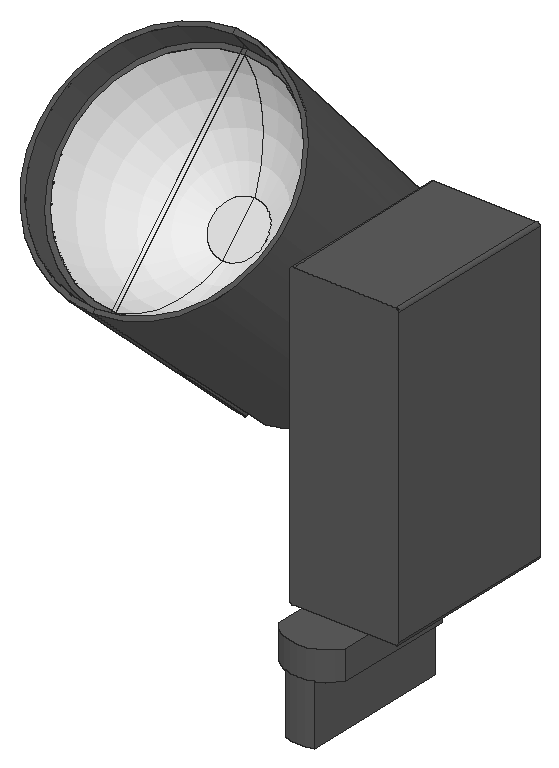
Revit family "0004891 Feilo Sylvania Lighting Fixture START TRACK SPOT L 35W 3K RA90 WB BLACK", category Lighting Fixtures, host Face, Revit 2017 (continued)
Definition of nested family "Start Track Spot Head"
  Types (96, lengths in mm): name | Wattage | built-in parameter 1150134 | Photometric Web File | Model | built-in parameter 1150105 | Lumens | built-in parameter 1150107 | built-in parameter 1150106 | HeadThickness_FEILO | HeadRibOffset_FEILO | HeadRibDepth_FEILO | HeadRibCutWidth_FEILO | HeadRibCutOffset_FEILO | HeadReflectorRadius_FEILO | HeadReflectorOffset_FEILO | HeadLEDRadius_FEILO | HeadHeight_FEILO | HeadDiffusorOffset_FEILO | HeadDiaOut_FEILO | HeadDiaIn_FEILO | HeadAxisFromTop_FEILO | Emit from Circle Diameter | built-in parameter 1150104 | Description | Apparent Load
    0004812 START TRACK SPOT S 14W 3K RA80 MB WHITE | 14 W | (empty or 0) | "0004812.ies" | "START TRACK SPOT S 14W 3K RA80 MB WHITE" | 120.32 (stored number, unit not read) | 1512 lm | 3000 (stored number, unit not read) | 1.2032 (stored number, unit not read) | 1.5 | 4.179 | 55.714 | 7.167 | 50.87 | 50.588 | 55.714 | 9.556 | 117 | 9.435 | 86 | 77.477 | 69.354 | 77.477 | 10.034 (stored number, unit not read) | "Integrated LED spotlight, Textured White - RAL9016, compact and minimalist design, ideal for retail applications, die-cast aluminium body, passive cooling heatsink. Beam angle: 36°, color temperature: 3000K , total system power: 14W, total fixture output: 1508 lm, LOR: 100%, colour rendering: Ra: 80 typical, LED Chromaticity: 3 step MacAdam ellipse, lifetime: >50000 hours at L70B50, energy class: A++, A+, A, IR/UV free light source without heat radiation, operating voltage: 220-240V / 50-60Hz, drive current: 350mA, electronic driver, non-dimmable, power factor: 0.92, electrical protection: Class II, Global Track 3 Phase adapter suitable for Global trac 3-circuit tracks, ingress protection rating: IP20, suitable for internal environment only, horizontal rotation: 355°, vertical tilt: 90°, dimensions: Ø86x140x200, weight: 0.940kg." | 14 VA
    0004811 START TRACK SPOT S 14W 3K RA80 NB WHITE | 14 W | (empty or 0) | "0004811.ies" | "START TRACK SPOT S 14W 3K RA80 NB WHITE" | 123.66 (stored number, unit not read) | 1554 lm | 3000 (stored number, unit not read) | 1.2366 (stored number, unit not read) | 1.5 | 4.179 | 55.714 | 7.167 | 50.87 | 50.588 | 55.714 | 9.556 | 117 | 9.435 | 86 | 77.477 | 69.354 | 77.477 | 10.312 (stored number, unit not read) | "Integrated LED spotlight, Textured White - RAL9016, compact and minimalist design, ideal for retail applications, die-cast aluminium body, passive cooling heatsink. Beam angle: 12°, color temperature: 3000K , total system power: 14W, total fixture output: 1551 lm, LOR: 100%, colour rendering: Ra: 80 typical, LED Chromaticity: 3 step MacAdam ellipse, lifetime: >50000 hours at L70B50, energy class: A++, A+, A, IR/UV free light source without heat radiation, operating voltage: 220-240V / 50-60Hz, drive current: 350mA, electronic driver, non-dimmable, power factor: 0.92, electrical protection: Class II, Global Track 3 Phase adapter suitable for Global trac 3-circuit tracks, ingress protection rating: IP20, suitable for internal environment only, horizontal rotation: 355°, vertical tilt: 90°, dimensions: Ø86x140x200, weight: 0.940kg." | 14 VA
  Reference planes
    plane 1 "Center (Front/Back)": y = 0
    plane 2: z = 0
    plane 3 "Center (Left/Right)": x = 0
    plane 4: x = 43
    plane 5: x = -43
    plane 6: x = -38.739
    plane 7: x = 38.739
    plane 8: z = 69.354
    plane 9: z = -47.646
    plane 10: x = -41.5
    plane 11: x = -37.239
    plane 12: z = -38.211
    plane 13: z = -35.211
    plane 14: z = 8.068
    plane 15: x = -9.556
    plane 16: x = -28.667
    plane 17: x = -19.111
    plane 18: x = -27.167
    plane 19: x = -17.611
    plane 20: x = -8.056
    plane 21: z = 13.64
    plane 22: x = -29.667
    plane 23: x = -26.167
    plane 24: x = -20.111
    plane 25: x = -16.611
    plane 26: x = -10.556
    plane 27: x = -7.056
    plane 28: x = -36.239
    plane 29: x = -40.5
    plane 30: z = 65.175
    plane 31: z = 60.997
    plane 32: z = 56.818
    plane 33: z = 18.484
    plane 34: y = -43
    plane 35: y = 43
    plane 36: y = 3.583
    plane 37: y = -3.583
    plane 38: y = -2.583
    plane 39: y = 2.583
    plane 40: y = 46
    plane 41: z = 13.5
    plane 42: z = -13.5
    plane 43: y = 39
    plane 44: x = 4.708
    plane 45: x = -2.458
    plane 46: x = -1.458
    plane 47: x = 1.458
  Forms (mm)
    Extrusion 1, solid
      sketch origin (4.2, 0, 0) x (1, 0, 0) y (0, 1, 0)
        loop
          line (-1219.2, 1219.2) -> (-1219.2, -1219.2) -> (1219.2, -1219.2) -> (1219.2, 1219.2) -> (-1219.2, 1219.2)
      from 0 to -68.017
    Revolve 2, solid, material <- "Material_1_FEILO", detail levels medium+fine
      sketch origin (0, 0, 0) x (1, 0, 0) y (0, 0, 1)
        loop
          line (-43, -47.646) -> (-41.5, -47.646) -> (-40.5, -35.211) -> (-38.739, -35.211)
          arc (-38.739, -35.211) -> (-30.16, -9.517) -> (-9.556, 8.068) r 50.588
          line (-9.556, 8.068) -> (0, 8.068) -> (0, 13.64) -> (-16.611, 13.64) -> (-17.611, 60.997) -> (-19.111, 60.997) -> (-20.111, 13.64) -> (-36.239, 13.64) -> (-37.239, 69.354) -> (-38.739, 69.354) -> (-43, -47.646)
        axis (0, 69.354) -> (0, -47.646)
      angle from 360 to 0
    Extrusion 3, void
      sketch origin (0, 0, 0) x (0, 1, 0) y (0, 0, 1)
        loop
          line (-3.583, 69.354) -> (-2.583, 18.484) -> (1.932, 18.484) -> (2.932, 69.354) -> (-3.583, 69.354)
      from 43 to -43
    Revolve 4, solid, material <- "Material_2_FEILO", detail levels medium+fine
      sketch origin (0, 0, 0) x (1, 0, 0) y (0, 0, 1)
        loop
          line (-41.5, -38.211) -> (0, -38.211) -> (0, -35.211) -> (-41.5, -35.211) -> (-41.5, -38.211)
        axis (0, -35.211) -> (0, -38.211)
      angle from 360 to 0
    Revolve 5, solid, material <- "Material_1_FEILO"
      sketch origin (0, 0, 0) x (0, 1, 0) y (0, 0, 1)
        loop
          line (46, 0) -> (39, 0) -> (39, -13.5) -> (46, -13.5) -> (46, 0)
        axis (39, 0) -> (46, 0)
      angle from 360 to 0
    Revolve 6, solid, material <- "Material_1_FEILO", detail levels medium+fine
      sketch origin (0, 0, 0) x (1, 0, 0) y (0, 0, 1)
        loop
          line (-29.667, 13.64) -> (-26.167, 13.64) -> (-27.167, 65.175) -> (-28.667, 65.175) -> (-29.667, 13.64)
        loop
          line (-10.556, 13.64) -> (-7.056, 13.64) -> (-7.833, 56.818) -> (-9.778, 56.818) -> (-10.556, 13.64)
        axis (0, 65.175) -> (0, 13.64)
      angle from 360 to 0
    Extrusion 7, void
      sketch origin (0, 0, 0) x (1, 0, 0) y (0, 0, 1)
        loop
          line (4.708, 69.354) -> (-2.458, 69.354) -> (-1.458, 13.64) -> (1.458, 13.64) -> (4.708, 69.354)
      from -43 to 43
    Revolve 8, solid, material <- "Material_1_FEILO", detail levels coarse
      sketch origin (0, 0, 0) x (1, 0, 0) y (0, 0, 1)
        loop
          line (0, 69.354) -> (-38.739, 69.354) -> (-43, -47.646) -> (-41.5, -47.646) -> (-40.731, -38.211) -> (0, -38.211) -> (0, 69.354)
        axis (0, 69.354) -> (0, -47.646)
      angle from 360 to 0
  Cuts and joins
    Extrusion 3 cuts Revolve 2
    Extrusion 7 cuts Revolve 6
  Dimensions and locks
    equal spacing: plane 7, plane 3 "Center (Left/Right)", plane 6
    equal spacing: plane 4, plane 3 "Center (Left/Right)", plane 5
    "HeadDiaOut_FEILO": plane 4 to plane 5
    "HeadDiaIn_FEILO": plane 7 to plane 6
    "HeadHeight_FEILO": plane 8 to plane 9
    "HeadThickness_FEILO": plane 10 to plane 5
    "HeadThickness_FEILO": plane 11 to plane 6
    "HeadDiffusorOffset_FEILO": plane 12 to plane 9
    "HeadDiffusorThickness_FEILO": plane 13 to plane 12
    "HeadReflectorOffset_FEILO": plane 14 to plane 9
    "HeadLEDRadius_FEILO": plane 3 "Center (Left/Right)" to plane 15
    "HeadLEDRadius_FEILO": plane 15 to plane 17
    "HeadLEDRadius_FEILO": plane 17 to plane 16
    "HeadThickness_FEILO": plane 18 to plane 16
    "HeadThickness_FEILO": plane 19 to plane 17
    "HeadThickness_FEILO": plane 20 to plane 15
    "HeadRibDepth_FEILO": plane 8 to plane 21
    "HeadDraft_FEILO": plane 16 to plane 22
    "HeadDraft_FEILO": plane 23 to plane 18
    "HeadDraft_FEILO": plane 17 to plane 24
    "HeadDraft_FEILO": plane 25 to plane 19
    "HeadDraft_FEILO": plane 15 to plane 26
    "HeadDraft_FEILO": plane 27 to plane 20
    "HeadDraft_FEILO": plane 29 to plane 10
    "HeadDraft_FEILO": plane 28 to plane 11
    "HeadRibOffset_FEILO": plane 8 to plane 30
    "HeadRibOffset_FEILO": plane 30 to plane 31
    "HeadRibOffset_FEILO": plane 31 to plane 32
    "HeadAxisFromTop_FEILO": plane 8 to plane 2
    "HeadRibCutOffset_FEILO": plane 8 to plane 33
    equal spacing: plane 34, plane 1 "Center (Front/Back)", plane 35
    "HeadDiaOut_FEILO": plane 34 to plane 35
    equal spacing: plane 38, plane 1 "Center (Front/Back)", plane 39
    equal spacing: plane 37, plane 1 "Center (Front/Back)", plane 36
    "HeadRibCutWidth_FEILO": plane 37 to plane 36
    "HeadDraft_FEILO": plane 37 to plane 38
    locked: plane 35 to plane 40 at 3
    equal spacing: plane 41, plane 2, plane 42
    locked: plane 42 to plane 41 at 27
    locked: plane 43 to plane 35 at 4
    equal spacing: plane 45, imposter light, plane 44
    "HeadDraft_FEILO": plane 46 to plane 45
    "HeadRibCutWidth_FEILO": plane 44 to plane 45
    equal spacing: plane 47, plane 3 "Center (Left/Right)", plane 46
    "HeadReflectorRadius_FEILO": radius of Revolve 2 sketch curve
    aligned and locked: plane 2 to Extrusion 1
    aligned and locked: level to Extrusion 1
    aligned and locked: Revolve 2 sketch curve to plane 3 "Center (Left/Right)"  (x2)
    aligned and locked: plane 9 to Revolve 2 sketch curve  (x2)
    aligned and locked: plane 5 to Revolve 2 sketch curve
    aligned and locked: plane 10 to Revolve 2 sketch curve
    aligned and locked: plane 14 to Revolve 2 sketch curve
    aligned and locked: plane 8 to Revolve 2 sketch curve
    aligned and locked: Revolve 2 sketch curve to plane 13
    aligned and locked: plane 12 to Revolve 4 sketch curve
    aligned and locked: plane 3 "Center (Left/Right)" to Revolve 4 sketch curve
    aligned and locked: Revolve 4 sketch curve to plane 10
    aligned and locked: Revolve 4 sketch curve to plane 3 "Center (Left/Right)"
    aligned and locked: plane 12 to imposter light
    aligned and locked: imposter light to plane 1 "Center (Front/Back)"
    aligned and locked: Revolve 5 sketch curve to plane 2
    aligned and locked: plane 43 to Revolve 5 sketch curve
    aligned and locked: plane 42 to Revolve 5 sketch curve
    aligned and locked: Revolve 6 sketch curve to plane 3 "Center (Left/Right)"
    aligned and locked: plane 22 to Revolve 6 sketch curve
    aligned and locked: plane 30 to Revolve 6 sketch curve
    aligned and locked: plane 23 to Revolve 6 sketch curve
    aligned and locked: Revolve 6 sketch curve to plane 21  (x2)
    aligned and locked: plane 21 to Revolve 6 sketch curve
    aligned and locked: plane 17 to Revolve 2 sketch curve
    aligned and locked: plane 19 to Revolve 2 sketch curve
    aligned and locked: plane 31 to Revolve 2 sketch curve
    aligned and locked: plane 21 to Revolve 2 sketch curve
    aligned and locked: Extrusion 3 to plane 8
    aligned and locked: plane 33 to Extrusion 3
    aligned and locked: plane 8 to Extrusion 3 sketch curve
    aligned and locked: Extrusion 3 sketch curve to plane 33
    aligned and locked: Extrusion 3 to plane 5
    aligned and locked: plane 4 to Extrusion 3
    aligned and locked: plane 32 to Revolve 6 sketch curve
    aligned and locked: plane 44 to Extrusion 7 sketch curve
    aligned and locked: Extrusion 7 sketch curve to plane 8
    aligned and locked: plane 46 to Extrusion 7 sketch curve
    aligned and locked: plane 21 to Extrusion 7 sketch curve
    aligned and locked: plane 34 to Extrusion 7
    aligned and locked: Extrusion 7 to plane 35
    aligned and locked: Revolve 4 sketch curve to plane 13
    aligned and locked: Revolve 5 sketch curve to plane 40
    aligned and locked: Revolve 8 sketch curve to plane 3 "Center (Left/Right)"
    aligned and locked: Revolve 8 sketch curve to cut or joined group of Revolve 2, Extrusion 3  (x3)
    aligned and locked: plane 5 to Revolve 8 sketch curve
    aligned and locked: plane 3 "Center (Left/Right)" to Revolve 8 sketch curve
    aligned and locked: plane 12 to Revolve 8 sketch curve
  Automatic sketch dimensions
    Extrusion 1 sketch curve to Extrusion 1 sketch curve = 2438.4 mm  (x2)
    Extrusion 3 sketch curve to plane 37 = 0 mm
    Extrusion 3 sketch curve to plane 38 = 0 mm
    plane 39 to Extrusion 3 sketch curve = 0.651 mm
    Extrusion 3 sketch curve to plane 39 = 0.349 mm
    Revolve 6 sketch curve to plane 16 = 0 mm
    Revolve 6 sketch curve to plane 18 = 0 mm
    Revolve 6 sketch curve to plane 26 = 0 mm
    Revolve 6 sketch curve to plane 27 = 0 mm
    Revolve 6 sketch curve to plane 15 = 0.222 mm
    plane 9 to Revolve 6 sketch curve = 559.103 mm
    Revolve 6 sketch curve to plane 8 = 2535.555 mm
    plane 20 to Revolve 6 sketch curve = 0.222 mm
    Revolve 2 sketch curve to plane 29 = 0 mm
    Revolve 2 sketch curve to plane 6 = 0 mm  (x2)
    Revolve 2 sketch curve to plane 11 = 0 mm
    Revolve 2 sketch curve to plane 21 = 0 mm
    Revolve 2 sketch curve to plane 28 = 0 mm
    Revolve 2 sketch curve to plane 24 = 0 mm
    Revolve 2 sketch curve to plane 25 = 0 mm
    Revolve 2 sketch curve to plane 15 = 0 mm
    Revolve 2 sketch curve to Revolve 2 sketch curve = 557.155 mm
    Revolve 2 sketch curve to plane 8 = 2535.558 mm
    Extrusion 7 sketch curve to plane 45 = 0 mm
    Extrusion 7 sketch curve to plane 47 = 0 mm
    plane 9 to Revolve 4 sketch curve = 559.103 mm
    Revolve 4 sketch curve to plane 8 = 2535.555 mm
    Revolve 5 sketch curve to level = 0 mm
    plane 34 to Revolve 5 sketch curve = 1968.092 mm
    Revolve 5 sketch curve to plane 40 = 1405.763 mm
    Revolve 8 sketch curve to plane 6 = 0 mm
    Revolve 8 sketch curve to plane 29 = 0.231 mm
    plane 9 to Revolve 8 sketch curve = 559.103 mm
    Revolve 8 sketch curve to Revolve 8 sketch curve = 2535.555 mm
Definition of nested family "Start Track Spot Box"
  Parameters (values of type "Type Large White")
    URL = "http://www.feilosylvania.com"
    Type Image = (empty or 0)
    Type Comments = "n/a"
    Small_FEILO = no
    Material_3_FEILO = none
    Model = ""
    Manufacturer = "Feilo Sylvania"
    Keynote = ""
    Material_2_FEILO = none
    Description = ""
    Default Elevation = 1219.2 mm
    Cost = 0
    Material_1_FEILO = none
    BoxWidth_FEILO = 49 mm
    BoxStartAngle_FEILO [instance] = 0.00°
    BoxRadius_FEILO = 1.5 mm
    BoxHeight_FEILO = if(Small_FEILO, 112 mm, 136 mm)  # 136 mm
    BoxEndAngle_FEILO [instance] = BoxStartAngle_FEILO - 180.00°  # -180.00°
    BoxDepth_FEILO = if(Small_FEILO, 71.5 mm, 79 mm)  # 79 mm
    BoxAxisVerticalOffset_FEILO = 16 mm
    BoxAxisOffset_FEILO = BoxHeight_FEILO / 6.8  # 20 mm
    Assembly Code = ""
    Material_4_FEILO = none
  Types (4, lengths in mm): name | Small_FEILO | BoxHeight_FEILO | BoxDepth_FEILO | BoxAxisOffset_FEILO
    Type Large White | no | 136 | 79 | 20
    Type Small White | yes | 112 | 71.5 | 16.471
    Type Small Black | yes | 112 | 71.5 | 16.471
    Type Large Black | no | 136 | 79 | 20
  Reference planes
    plane 1 "Center (Front/Back)": y = 0
    plane 2: z = 0
    plane 3 "Center (Left/Right)": x = 0
    plane 4: x = 24.5
    plane 5: x = -24.5
    plane 6: y = 68
    plane 7: y = -68
    plane 8: z = 39.5
    plane 9: z = -39.5
    plane 10: y = -48
    plane 11: x = 30.5
    plane 12: x = 8.5
    plane 13: x = 21.5
    plane 14: y = 70
    plane 15: y = 72
    plane 16: x = 19.5
  Forms (mm)
    Extrusion 1, solid
      sketch origin (4.2, 0, 0) x (1, 0, 0) y (0, 1, 0)
        loop
          line (-1219.2, 1219.2) -> (-1219.2, -1219.2) -> (1219.2, -1219.2) -> (1219.2, 1219.2) -> (-1219.2, 1219.2)
      from 0 to -68.017
    Extrusion 2, solid, material <- "Material_1_FEILO"
      sketch origin (0, 0, 0) x (1, 0, 0) y (0, 1, 0)
        loop
          arc (-23, 68) -> (-24.061, 67.561) -> (-24.5, 66.5) r 1.5
          line (-24.5, 66.5) -> (-24.5, -66.5)
          arc (-24.5, -66.5) -> (-24.061, -67.561) -> (-23, -68) r 1.5
          line (-23, -68) -> (23, -68)
          arc (23, -68) -> (24.061, -67.561) -> (24.5, -66.5) r 1.5
          line (24.5, -66.5) -> (24.5, 66.5)
          arc (24.5, 66.5) -> (24.061, 67.561) -> (23, 68) r 1.5
          line (23, 68) -> (-23, 68)
      from -39.5 to 39.5
    Revolve 3, solid, not visible
      sketch origin (0, 0, 0) x (1, 0, 0) y (0, 1, 0)
        loop
          line (30.5, -48) -> (24.5, -48) -> (24.5, -68) -> (30.5, -68) -> (30.5, -48)
        axis (30.5, -48) -> (24.5, -48)
      angle from 0 <- "BoxStartAngle_FEILO" to -180 <- "BoxEndAngle_FEILO"
    Revolve 4, solid, material <- "Material_2_FEILO"
      sketch origin (0, 0, 0) x (1, 0, 0) y (0, 1, 0)
        loop
          line (8.5, 68) -> (19.5, 68) -> (19.5, 70) -> (21.5, 70) -> (21.5, 72) -> (8.5, 72) -> (8.5, 68)
        axis (8.5, 72) -> (8.5, 68)
      angle from 360 to 0
  Dimensions and locks
    equal spacing: plane 5, plane 3 "Center (Left/Right)", plane 4
    "BoxWidth_FEILO": plane 5 to plane 4
    equal spacing: plane 7, plane 1 "Center (Front/Back)", plane 6
    "BoxHeight_FEILO": plane 7 to plane 6
    equal spacing: plane 8, plane 2, plane 9
    "BoxDepth_FEILO": plane 8 to plane 9
    "BoxAxisOffset_FEILO": plane 7 to plane 10
    locked: plane 4 to plane 11 at 6
    "BoxAxisVerticalOffset_FEILO": plane 12 to plane 4
    locked: plane 12 to plane 13 at 13
    plane 6 to plane 14 to plane 15 = 2 mm locked, 2 mm locked
    locked: plane 12 to plane 16 at 11
    "BoxRadius_FEILO": radius of Extrusion 2 sketch curve  (x4)
    aligned and locked: plane 2 to Extrusion 1
    aligned and locked: level to Extrusion 1
    aligned and locked: plane 6 to Extrusion 2 sketch curve
    aligned and locked: plane 5 to Extrusion 2 sketch curve
    aligned and locked: Extrusion 2 sketch curve to plane 7
    aligned and locked: Extrusion 2 sketch curve to plane 4
    aligned and locked: Extrusion 2 to plane 8
    aligned and locked: plane 9 to Extrusion 2
    aligned and locked: Revolve 3 sketch curve to plane 10  (x2)
    aligned and locked: plane 11 to Revolve 3 sketch curve
    aligned and locked: Revolve 3 sketch curve to plane 4
    aligned and locked: plane 7 to Revolve 3 sketch curve
    aligned and locked: Revolve 4 sketch curve to plane 12
    aligned and locked: plane 6 to Revolve 4 sketch curve
    aligned and locked: plane 12 to Revolve 4 sketch curve
    aligned and locked: plane 15 to Revolve 4 sketch curve
    aligned and locked: Revolve 4 sketch curve to plane 13
    aligned and locked: Revolve 4 sketch curve to plane 14
    aligned and locked: Revolve 4 sketch curve to plane 16
    aligned and locked: Revolve 4 sketch curve to plane 6
  Automatic sketch dimensions
    Extrusion 1 sketch curve to Extrusion 1 sketch curve = 2438.4 mm  (x2)
    Revolve 3 sketch curve to plane 5 = 1499.5 mm
    plane 11 to Revolve 3 sketch curve = 1493.5 mm
    plane 15 to Revolve 4 sketch curve = 0 mm
    plane 7 to Revolve 4 sketch curve = 1456 mm
    Revolve 4 sketch curve to plane 15 = 1452 mm
